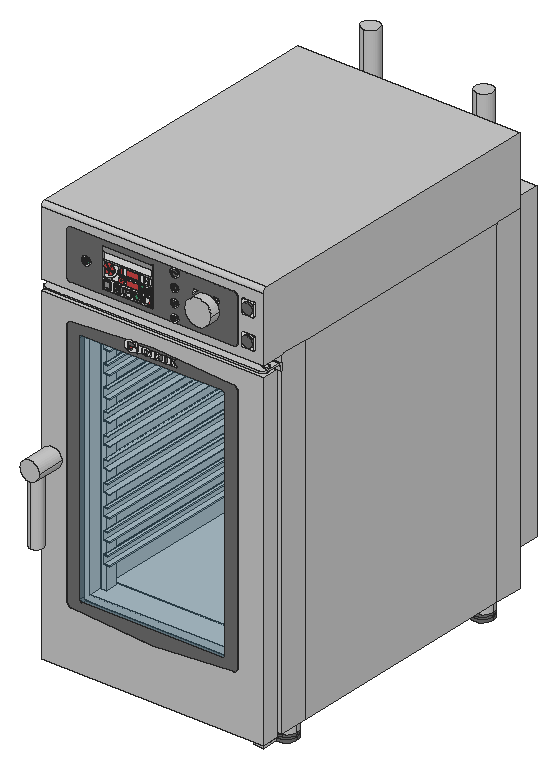
Revit family "QF_GIORIK_KHG101_KTG101_KHG101W_KTG101W", category Specialty Equipment, Revit 2014
Parameters (values of type "KHG101")
  Weight in Pounds = 260.145
  Watts = 1600 W
  Waste Water Discharge Temperature = 0 °C
  Volts = 230 V
  URL Cutsheet = ""
  URL = "www.giorik.com"
  Show Legs [instance] = yes
  Plumbing Remarks [instance] = ""
  Plumbing Connection Type [instance] = ""
  Mechanical Remarks [instance] = ""
  Mechanical Connection Type [instance] = ""
  Legs height [instance] = if(Show Legs, 55 mm, 0 mm)  # 55 mm
  Indirect Waste Size = 1 1/2"
  Indirect Waste Flow = 0.0 L/s
  Indirect Waste Connection Type [instance] = ""
  Indirect Waste Connection Height = 89 mm
  Gas Size = 1"
  Gas RI Height [instance] = 0 mm
  Gas KW = 11
  Gas Input = 11000 W
  Gas Connection Height = 954 mm
  Touch screen control = yes
  Status [instance] = ""
  Specification by User [instance] = ""
  Specification by Manufacturer = ""
  Serial Number = ""
  Seismic Rating = ""
  SMACNA No = ""
  Right Hinged Door [instance] = yes
  Revision Code [instance] = ""
  Phase = 1
  Number of Poles [instance] = 1
  Left Hinged Door [instance] = not(Right Hinged Door)  # no
  NAFEM Spec ID Number = ""
  Model = "KHG101"
  Min Ckt Ampacity = 0 A
  Max Overcurrent Protection = 16 A
  Masterspec = ""
  Manufacturer = "GIORIK"
  Show Logo [instance] = yes
  Show Clearance [instance] = yes
  Item Number [instance] = ""
  Installed By [instance] = ""
  Identify Quantity as Lot [instance] = no
  HP = "0"
  Furnished By [instance] = ""
  Foodservice Equipment Identifier [instance] = yes
  FL Amps = 0 A
  Electrical Remarks [instance] = ""
  Electric Connection Type [instance] = ""
  Elec Conn RI Height [instance] = 0 mm
  Elec Conn Connection Height [instance] = 649 mm
  Description = "GAS OVEN 10 GN 1/1 COMBINED CONVECTION/STEAM TOUCH SCREEN CONTROL - HIGH EFFICIENCY BOILER VERSION"
  Cycle = 50 Hz
  Conn Plug = ""
  Conn Conduit [instance] = no
  Cold Water Temperature Recommended = 0 °C
  Cold Water Size = 3/4"
  Cold Water RI Height [instance] = 0 mm
  Cold Water Minimum Pressure [instance] = 150.0 kPa
  Cold Water Maximum Pressure [instance] = 600.0 kPa
  Cold Water Flow [instance] = 0.0 L/s
  Cold Water Consumption [instance] = ""
  Cold Water Connection Height = 98 mm
  CSI MasterFormat = ""
  Assembly Code = "E1090320"
  Apparent Power = 1600 VA
Reference planes
  plane 1 "Back": y = 0
  plane 2: z = 0
  plane 3 "Left": x = 0
  plane 4 "Right": x = 519
  plane 5 "Front": y = -835
  plane 6 "Top": z = 1010
  plane 7 "Legs height": z = 55
  plane 8 "Front oven": y = -780
Forms (mm)
  Extrusion 1, solid
    sketch origin (0, 0, 0) x (1, 0, 0) y (0, 0, 1)
      loop
        line (0, 55) -> (519, 55) -> (519, 850) -> (0, 850) -> (0, 55)
    from 152 to 715
  Extrusion 2, solid
    sketch origin (0, -835, 0) x (-1, 0, 0) y (0, 0, 1)
      loop
        line (-519, 825) -> (-519, 55) -> (0, 55) -> (0, 825) -> (-519, 825)
      loop
        line (-60, 195.46) -> (-60, 774.54)
        arc (-60, 774.54) -> (-63.635, 782.253) -> (-71.898, 784.358) r 10
        arc (-71.898, 784.358) -> (-259.5, 796.841) -> (-447.102, 784.358) r 1415.936
        arc (-447.102, 784.358) -> (-455.365, 782.253) -> (-459, 774.54) r 10
        line (-459, 774.54) -> (-459, 195.46)
        arc (-459, 195.46) -> (-455.365, 187.747) -> (-447.102, 185.642) r 10
        arc (-447.102, 185.642) -> (-259.5, 173.159) -> (-71.898, 185.642) r 1415.936
        arc (-71.898, 185.642) -> (-63.635, 187.747) -> (-60, 195.46) r 10
    from 0 to 40
  Extrusion 3, solid, visible <- "Right Hinged Door"
    sketch origin (-275, -835, 200) x (-1, 0, 0) y (0, 0, 1)
      loop
        circle (-300, 285) r 22.5
    from 0 to -65
  Extrusion 4, solid
    sketch origin (0, -835, 0) x (-1, 0, 0) y (0, 0, 1)
      loop
        line (-96, 765) -> (-423, 765)
        arc (-423, 765) -> (-427.243, 763.243) -> (-429, 759) r 6
        line (-429, 759) -> (-429, 211)
        arc (-429, 211) -> (-427.243, 206.757) -> (-423, 205) r 6
        line (-423, 205) -> (-96, 205)
        arc (-96, 205) -> (-91.757, 206.757) -> (-90, 211) r 6
        line (-90, 211) -> (-90, 759)
        arc (-90, 759) -> (-91.757, 763.243) -> (-96, 765) r 6
    from 0 to 10
  Extrusion 5, solid
    sketch origin (0, 0, 1010) x (0, 1, 0) y (-1, 0, 0)
      loop
        line (-749, -70.5) -> (-737, -70.5) -> (-737, -69.5) -> (-750, -69.5) -> (-750, -85) -> (-723, -85) -> (-723, -84) -> (-749, -84) -> (-749, -70.5)
      loop
        line (-259, -105.5) -> (-259, -84) -> (-284, -84) -> (-284, -85) -> (-260, -85) -> (-260, -106.5) -> (-252, -106.5) -> (-252, -105.5) -> (-259, -105.5)
      loop
        line (-749, -448.5) -> (-749, -435) -> (-723, -435) -> (-723, -434) -> (-750, -434) -> (-750, -449.5) -> (-737, -449.5) -> (-737, -448.5) -> (-749, -448.5)
      loop
        line (-259, -413.5) -> (-252, -413.5) -> (-252, -412.5) -> (-260, -412.5) -> (-260, -434) -> (-284, -434) -> (-284, -435) -> (-259, -435) -> (-259, -413.5)
    from -211 to -821
  Extrusion 6, solid
    sketch origin (0, -780, 0) x (-1, 0, 0) y (0, 0, 1)
      loop
        line (-101, 251) -> (-101, 250) -> (-85, 250) -> (-85, 270) -> (-95, 270) -> (-95, 269) -> (-86, 269) -> (-86, 251) -> (-101, 251)
      loop
        line (-418, 251) -> (-433, 251) -> (-433, 269) -> (-424, 269) -> (-424, 270) -> (-434, 270) -> (-434, 250) -> (-418, 250) -> (-418, 251)
      loop
        line (-101, 301) -> (-101, 300) -> (-85, 300) -> (-85, 320) -> (-95, 320) -> (-95, 319) -> (-86, 319) -> (-86, 301) -> (-101, 301)
      loop
        line (-418, 301) -> (-433, 301) -> (-433, 319) -> (-424, 319) -> (-424, 320) -> (-434, 320) -> (-434, 300) -> (-418, 300) -> (-418, 301)
      loop
        line (-101, 351) -> (-101, 350) -> (-85, 350) -> (-85, 370) -> (-95, 370) -> (-95, 369) -> (-86, 369) -> (-86, 351) -> (-101, 351)
      loop
        line (-418, 351) -> (-433, 351) -> (-433, 369) -> (-424, 369) -> (-424, 370) -> (-434, 370) -> (-434, 350) -> (-418, 350) -> (-418, 351)
      loop
        line (-101, 401) -> (-101, 400) -> (-85, 400) -> (-85, 420) -> (-95, 420) -> (-95, 419) -> (-86, 419) -> (-86, 401) -> (-101, 401)
      loop
        line (-418, 401) -> (-433, 401) -> (-433, 419) -> (-424, 419) -> (-424, 420) -> (-434, 420) -> (-434, 400) -> (-418, 400) -> (-418, 401)
      loop
        line (-101, 451) -> (-101, 450) -> (-85, 450) -> (-85, 470) -> (-95, 470) -> (-95, 469) -> (-86, 469) -> (-86, 451) -> (-101, 451)
      loop
        line (-418, 451) -> (-433, 451) -> (-433, 469) -> (-424, 469) -> (-424, 470) -> (-434, 470) -> (-434, 450) -> (-418, 450) -> (-418, 451)
      loop
        line (-101, 501) -> (-101, 500) -> (-85, 500) -> (-85, 520) -> (-95, 520) -> (-95, 519) -> (-86, 519) -> (-86, 501) -> (-101, 501)
      loop
        line (-418, 501) -> (-433, 501) -> (-433, 519) -> (-424, 519) -> (-424, 520) -> (-434, 520) -> (-434, 500) -> (-418, 500) -> (-418, 501)
      loop
        line (-101, 551) -> (-101, 550) -> (-85, 550) -> (-85, 570) -> (-95, 570) -> (-95, 569) -> (-86, 569) -> (-86, 551) -> (-101, 551)
      loop
        line (-418, 551) -> (-433, 551) -> (-433, 569) -> (-424, 569) -> (-424, 570) -> (-434, 570) -> (-434, 550) -> (-418, 550) -> (-418, 551)
      loop
        line (-101, 601) -> (-101, 600) -> (-85, 600) -> (-85, 620) -> (-95, 620) -> (-95, 619) -> (-86, 619) -> (-86, 601) -> (-101, 601)
      loop
        line (-418, 601) -> (-433, 601) -> (-433, 619) -> (-424, 619) -> (-424, 620) -> (-434, 620) -> (-434, 600) -> (-418, 600) -> (-418, 601)
      loop
        line (-101, 651) -> (-101, 650) -> (-85, 650) -> (-85, 670) -> (-95, 670) -> (-95, 669) -> (-86, 669) -> (-86, 651) -> (-101, 651)
      loop
        line (-418, 651) -> (-433, 651) -> (-433, 669) -> (-424, 669) -> (-424, 670) -> (-434, 670) -> (-434, 650) -> (-418, 650) -> (-418, 651)
      loop
        line (-101, 701) -> (-101, 700) -> (-85, 700) -> (-85, 720) -> (-95, 720) -> (-95, 719) -> (-86, 719) -> (-86, 701) -> (-101, 701)
      loop
        line (-418, 701) -> (-433, 701) -> (-433, 719) -> (-424, 719) -> (-424, 720) -> (-434, 720) -> (-434, 700) -> (-418, 700) -> (-418, 701)
    from 20 to 520
  Extrusion 7, solid, visible <- "Show Clearance", detail levels coarse
    sketch origin (430, -505, 0) x (1, 0, 0) y (0, 1, 0)
      loop
        line (-430, -330) -> (-430, 505) -> (89, 505) -> (89, -330) -> (189, -330) -> (189, 605) -> (-530, 605) -> (-530, -330) -> (-430, -330)
    from 0 to 1010
  Extrusion 8, solid, visible <- "Right Hinged Door", detail levels coarse
    sketch origin (0, -40, 55) x (0, 1, 0) y (-1, 0, 0)
      loop
        line (-795, -519) -> (-795, 0)
        arc (-795, 0) -> (-1150.31, -135.689) -> (-1314, -479) r 512
        line (-1314, -479) -> (-1314, -519) -> (-795, -519)
    from 0 to 770
  Extrusion 9, solid
    sketch origin (0, -835, 0) x (-1, 0, 0) y (0, 0, 1)
      loop
        arc (-447.102, 784.358) -> (-455.365, 782.253) -> (-459, 774.54) r 10
        line (-459, 774.54) -> (-459, 195.46)
        arc (-459, 195.46) -> (-455.365, 187.747) -> (-447.102, 185.642) r 10
        arc (-447.102, 185.642) -> (-259.5, 173.159) -> (-71.898, 185.642) r 1415.936
        arc (-71.898, 185.642) -> (-63.635, 187.747) -> (-60, 195.46) r 10
        line (-60, 195.46) -> (-60, 774.54)
        arc (-60, 774.54) -> (-63.635, 782.253) -> (-71.898, 784.358) r 10
        arc (-71.898, 784.358) -> (-259.5, 796.841) -> (-447.102, 784.358) r 1415.936
      loop
        arc (-90, 759) -> (-91.757, 763.243) -> (-96, 765) r 6
        line (-96, 765) -> (-423, 765)
        arc (-423, 765) -> (-427.243, 763.243) -> (-429, 759) r 6
        line (-429, 759) -> (-429, 211)
        arc (-429, 211) -> (-427.243, 206.757) -> (-423, 205) r 6
        line (-423, 205) -> (-96, 205)
        arc (-96, 205) -> (-91.757, 206.757) -> (-90, 211) r 6
        line (-90, 211) -> (-90, 759)
    from 0 to 10
  Extrusion 10, solid, visible <- "Right Hinged Door"
    sketch origin (-275, -40, 1010) x (0, 1, 0) y (-1, 0, 0)
      loop
        circle (-841, -300) r 15
    from -690 to -525
  Extrusion 11, solid
    sketch origin (175, 152, 55) x (0, 1, 0) y (-1, 0, 0)
      loop
        circle (-203, -125) r 9.55
    from 60 to 34
  Extrusion 12, void
    sketch origin (-1000, 0, 0) x (1, 0, 0) y (0, 0, 1)
      loop
        line (1069.5, 799) -> (1069.5, 189) -> (1449.5, 189) -> (1449.5, 799) -> (1069.5, 799)
    from 232 to 780
  Extrusion 13, solid
    sketch origin (356.5, 0, -1) x (1, 0, 0) y (0, 0, 1)
      loop
        circle (80.5, 90) r 19.05
    from 77 to 87
  Extrusion 14, solid
    sketch origin (519, -40, -185) x (0, -1, 0) y (0, 0, 1)
      loop
        arc (748.5, 1020.001) -> (742.49, 1017.511) -> (740, 1011.501) r 8.5
        line (740, 1011.501) -> (740, 1001) -> (743, 1001) -> (743, 1011.501)
        arc (743, 1011.501) -> (744.611, 1015.39) -> (748.5, 1017.001) r 5.5
        line (748.5, 1017.001) -> (748.5, 1020.001)
    from 0 to 519
  Extrusion 15, solid
    sketch origin (0, -32, 1010) x (0, 1, 0) y (-1, 0, 0)
      loop
        line (-756.5, 0) -> (-793, 0)
        arc (-793, 0) -> (-800.071, -2.929) -> (-803, -10) r 10
        line (-803, -10) -> (-803, -509)
        arc (-803, -509) -> (-800.071, -516.071) -> (-793, -519) r 10
        line (-793, -519) -> (-756.5, -519) -> (-756.5, 0)
    from -178 to -175
  Extrusion 16, solid, visible <- "Touch screen control"
    sketch origin (-500, -835, -40) x (-1, 0, 0) y (0, 0, 1)
      loop
        line (-604.2, 972.451) -> (-605.8, 972.451) -> (-605.8, 965) -> (-604.2, 965) -> (-604.2, 972.451)
      loop
        line (-606.5, 971.325) -> (-606.5, 969.77)
        arc (-606.5, 969.77) -> (-605, 960) -> (-603.5, 969.77) r 5
        line (-603.5, 969.77) -> (-603.5, 971.325)
        arc (-603.5, 971.325) -> (-605, 958.5) -> (-606.5, 971.325) r 6.5
      loop
        circle (-725.279, 931.84) r 4.5
      loop
        line (-758.755, 960.908) -> (-758.755, 947.352) -> (-756.151, 947.352) -> (-756.151, 960.908) -> (-758.755, 960.908)
      loop
        line (-754.755, 958.908) -> (-754.755, 947.352) -> (-752.151, 947.352) -> (-752.151, 958.908) -> (-754.755, 958.908)
      loop
        line (-750.755, 956.908) -> (-750.755, 947.352) -> (-748.151, 947.352) -> (-748.151, 956.908) -> (-750.755, 956.908)
      loop
        line (-746.755, 954.908) -> (-746.755, 947.352) -> (-744.151, 947.352) -> (-744.151, 954.908) -> (-746.755, 954.908)
      loop
        line (-742.755, 952.908) -> (-742.755, 947.352) -> (-740.151, 947.352) -> (-740.151, 952.908) -> (-742.755, 952.908)
      loop
        line (-738.755, 950.908) -> (-738.755, 947.352) -> (-736.151, 947.352) -> (-736.151, 950.908) -> (-738.755, 950.908)
      loop
        circle (-738.173, 958.223) r 4
    from 0 to -2
  Extrusion 17, solid, visible <- "Touch screen control"
    sketch origin (-500, -835, -35) x (-1, 0, 0) y (0, 0, 1)
      loop
        arc (-690.938, 966.13) -> (-689.438, 961.413) -> (-687.938, 966.13) r 2.597
        line (-687.938, 966.13) -> (-687.938, 973.989)
        arc (-687.938, 973.989) -> (-689.438, 975.489) -> (-690.938, 973.989) r 1.5
        line (-690.938, 973.989) -> (-690.938, 966.13)
      loop
        line (-700.102, 974.432) -> (-730.102, 974.432) -> (-730.102, 961.873) -> (-700.102, 961.873) -> (-700.102, 974.432)
      loop
        line (-700.102, 954.432) -> (-730.102, 954.432) -> (-730.102, 941.873) -> (-700.102, 941.873) -> (-700.102, 954.432)
      loop
        circle (-689.163, 948.706) r 7
      loop
        circle (-660.557, 962.463) r 2.5
      loop
        line (-659.449, 965.572) -> (-656.829, 971.19) -> (-658.704, 974.438)
        arc (-658.704, 974.438) -> (-664.206, 974.155) -> (-668.842, 971.18) r 10.731
        line (-668.842, 971.18) -> (-664.348, 971.18) -> (-661.824, 965.511)
        arc (-661.824, 965.511) -> (-660.642, 965.762) -> (-659.449, 965.572) r 3.3
      loop
        line (-663.171, 964.478) -> (-667.705, 968.706) -> (-671.373, 967.926)
        arc (-671.373, 967.926) -> (-672.804, 962.606) -> (-671.407, 957.277) r 10.731
        line (-671.407, 957.277) -> (-670.018, 961.551) -> (-663.846, 962.2)
        arc (-663.846, 962.2) -> (-663.721, 963.402) -> (-663.171, 964.478) r 3.3
      loop
        line (-657.258, 962.37) -> (-651.105, 961.615) -> (-648.595, 964.401)
        arc (-648.595, 964.401) -> (-650.565, 969.547) -> (-654.827, 973.037) r 10.731
        line (-654.827, 973.037) -> (-653.438, 968.762) -> (-658.05, 964.61)
        arc (-658.05, 964.61) -> (-657.445, 963.564) -> (-657.258, 962.37) r 3.3
      loop
        line (-663.28, 960.599) -> (-668.702, 957.594) -> (-669.094, 953.864)
        arc (-669.094, 953.864) -> (-664.477, 950.859) -> (-658.977, 950.541) r 10.731
        line (-658.977, 950.541) -> (-662.613, 953.183) -> (-661.323, 959.253)
        arc (-661.323, 959.253) -> (-662.427, 959.744) -> (-663.28, 960.599) r 3.3
      loop
        line (-659.626, 959.297) -> (-658.443, 953.212) -> (-655.017, 951.686)
        arc (-655.017, 951.686) -> (-650.732, 955.149) -> (-648.73, 960.282) r 10.731
        line (-648.73, 960.282) -> (-652.366, 957.64) -> (-657.741, 960.742)
        arc (-657.741, 960.742) -> (-658.549, 959.844) -> (-659.626, 959.297) r 3.3
      loop
        line (-687.655, 947.008) -> (-689.17, 948.279) -> (-684.047, 951.735) -> (-684.733, 952.752) -> (-690.148, 949.1) -> (-693.772, 952.14) -> (-694.56, 951.2) -> (-691.206, 948.386) -> (-692.349, 947.615) -> (-691.663, 946.598) -> (-690.228, 947.565) -> (-688.443, 946.068) -> (-687.655, 947.008)
      loop
        arc (-757.5, 924.717) -> (-756, 920) -> (-754.5, 924.717) r 2.597
        line (-754.5, 924.717) -> (-754.5, 932.576)
        arc (-754.5, 932.576) -> (-756, 934.076) -> (-757.5, 932.576) r 1.5
        line (-757.5, 932.576) -> (-757.5, 924.717)
    from 0 to -2
  Extrusion 18, solid, visible <- "Right Hinged Door"
    sketch origin (-341, -40, 55) x (0, 1, 0) y (-1, 0, 0)
      loop
        line (-791.5, -859) -> (-756.5, -859) -> (-744, -841) -> (-684, -841) -> (-684, -829)
        arc (-684, -829) -> (-692.752, -810) -> (-684, -791) r 25
        line (-684, -791) -> (-684, -781) -> (-738.5, -781) -> (-791.5, -834) -> (-791.5, -859)
    from -3 to -8
  Revolve 19, solid, visible <- "Right Hinged Door"
    sketch origin (-341, -813, -185) x (-1, 0, 0) y (0, 0, 1)
      loop
        line (-848.5, 1025.401) -> (-848.5, 1010) -> (-842.5, 1010) -> (-842.5, 1014.5) -> (-839, 1014.5) -> (-839, 1017) -> (-841.5, 1017) -> (-841.5, 1021.5) -> (-845, 1025.401) -> (-848.5, 1025.401)
      axis (-848.5, 1025.401) -> (-848.5, 1010)
    angle from 0 to 360
  Revolve 20, solid, visible <- "Right Hinged Door"
    sketch origin (-341, -813, 0) x (-1, 0, 0) y (0, 0, 1)
      loop
        line (-848.5, 41.599) -> (-845, 41.599) -> (-841.5, 45.5) -> (-841.5, 52.5) -> (-838, 52.5) -> (-838, 55) -> (-848.5, 55) -> (-848.5, 41.599)
      axis (-848.5, 41.599) -> (-848.5, 55)
    angle from 0 to 360
  Extrusion 21, solid, visible <- "Left Hinged Door"
    sketch origin (794, -835, 200) x (1, 0, 0) y (0, 0, -1)
      loop
        circle (-300, -285) r 22.5
    from 0 to -65
  Extrusion 22, solid, visible <- "Left Hinged Door", detail levels coarse
    sketch origin (1135, -40, 55) x (0, 1, 0) y (-1, 0, 0)
      loop
        line (-795, 1135) -> (-1314, 1135) -> (-1314, 1095)
        arc (-1314, 1095) -> (-1150.31, 751.689) -> (-795, 616) r 512
        line (-795, 616) -> (-795, 1135)
    from 0 to 770
  Extrusion 23, solid, visible <- "Left Hinged Door"
    sketch origin (794, -40, 1010) x (0, 1, 0) y (-1, 0, 0)
      loop
        circle (-841, 300) r 15
    from -690 to -525
  Revolve 24, solid, visible <- "Left Hinged Door"
    sketch origin (860, -813, 0) x (1, 0, 0) y (0, 0, -1)
      loop
        line (-848.5, -41.599) -> (-848.5, -55) -> (-838, -55) -> (-838, -52.5) -> (-841.5, -52.5) -> (-841.5, -45.5) -> (-845, -41.599) -> (-848.5, -41.599)
      axis (-848.5, -41.599) -> (-848.5, -55)
    angle from 0 to 360
  Extrusion 25, solid, visible <- "Touch screen control"
    sketch origin (-500, -835, -50) x (-1, 0, 0) y (0, 0, 1)
      loop
        circle (-605, 975) r 10
      loop
        circle (-605, 975) r 8.5
      loop
        circle (-812, 1023) r 10
      loop
        circle (-812, 1023) r 8.5
      loop
        circle (-812, 991) r 8.5
      loop
        circle (-812, 991) r 7
      loop
        circle (-812, 959) r 8.5
      loop
        circle (-812, 959) r 7
      loop
        circle (-812, 927) r 8.5
      loop
        circle (-812, 927) r 7
      loop
        line (-645, 930) -> (-645, 1020) -> (-761, 1020) -> (-761, 930) -> (-645, 930)
      loop
        line (-818.5, 1022.5) -> (-805.5, 1022.5) -> (-805.5, 1023.5) -> (-818.5, 1023.5) -> (-818.5, 1022.5)
      loop
        line (-854.895, 993.105) -> (-856.495, 1004.486) -> (-865.962, 1004.486)
        arc (-865.962, 1004.486) -> (-859.858, 999.35) -> (-854.895, 993.105) r 40
      loop
        arc (-811, 927.209) -> (-812, 932) -> (-813, 927.209) r 2.5
        line (-813, 927.209) -> (-813, 924)
        arc (-813, 924) -> (-812, 923) -> (-811, 924) r 1
        line (-811, 924) -> (-811, 927.209)
      loop
        arc (-915.105, 993.105) -> (-910.142, 999.35) -> (-904.038, 1004.486) r 40
        line (-904.038, 1004.486) -> (-913.505, 1004.486) -> (-915.105, 993.105)
      loop
        line (-807, 960.427) -> (-817, 960.427) -> (-817, 957.547) -> (-807, 957.547) -> (-807, 960.427)
      loop
        line (-815.767, 986.618) -> (-807.756, 986.618) -> (-807.756, 995.305) -> (-809.708, 995.305) -> (-809.708, 996.559) -> (-812.516, 994.805) -> (-809.708, 993.051) -> (-809.708, 994.305) -> (-808.756, 994.305) -> (-808.756, 987.618) -> (-815.767, 987.618) -> (-815.767, 986.618)
    from 0.5 to -1.5
  Extrusion 26, solid, visible <- "Touch screen control"
    sketch origin (-500, -835, -68) x (-1, 0, 0) y (0, 0, 1)
      loop
        line (-645, 1038) -> (-761, 1038) -> (-761, 1028) -> (-761, 973) -> (-645, 973) -> (-645, 1028) -> (-645, 1038)
      loop
        line (-760, 1028) -> (-760, 1011.245) -> (-646, 1011.245) -> (-646, 1028) -> (-760, 1028)
      loop
        line (-649, 969) -> (-661, 969)
        arc (-661, 969) -> (-663.121, 968.121) -> (-664, 966) r 3
        line (-664, 966) -> (-664, 954)
        arc (-664, 954) -> (-663.121, 951.879) -> (-661, 951) r 3
        line (-661, 951) -> (-649, 951)
        arc (-649, 951) -> (-646.879, 951.879) -> (-646, 954) r 3
        line (-646, 954) -> (-646, 966)
        arc (-646, 966) -> (-646.879, 968.121) -> (-649, 969) r 3
      loop
        line (-649, 968) -> (-661, 968)
        arc (-661, 968) -> (-662.414, 967.414) -> (-663, 966) r 2
        line (-663, 966) -> (-663, 954)
        arc (-663, 954) -> (-662.414, 952.586) -> (-661, 952) r 2
        line (-661, 952) -> (-649, 952)
        arc (-649, 952) -> (-647.586, 952.586) -> (-647, 954) r 2
        line (-647, 954) -> (-647, 966)
        arc (-647, 966) -> (-647.586, 967.414) -> (-649, 968) r 2
      loop
        line (-673, 969) -> (-685, 969)
        arc (-685, 969) -> (-687.121, 968.121) -> (-688, 966) r 3
        line (-688, 966) -> (-688, 954)
        arc (-688, 954) -> (-687.121, 951.879) -> (-685, 951) r 3
        line (-685, 951) -> (-673, 951)
        arc (-673, 951) -> (-670.879, 951.879) -> (-670, 954) r 3
        line (-670, 954) -> (-670, 966)
        arc (-670, 966) -> (-670.879, 968.121) -> (-673, 969) r 3
      loop
        line (-673, 968) -> (-685, 968)
        arc (-685, 968) -> (-686.414, 967.414) -> (-687, 966) r 2
        line (-687, 966) -> (-687, 954)
        arc (-687, 954) -> (-686.414, 952.586) -> (-685, 952) r 2
        line (-685, 952) -> (-673, 952)
        arc (-673, 952) -> (-671.586, 952.586) -> (-671, 954) r 2
        line (-671, 954) -> (-671, 966)
        arc (-671, 966) -> (-671.586, 967.414) -> (-673, 968) r 2
      loop
        line (-697, 969) -> (-709, 969)
        arc (-709, 969) -> (-711.121, 968.121) -> (-712, 966) r 3
        line (-712, 966) -> (-712, 954)
        arc (-712, 954) -> (-711.121, 951.879) -> (-709, 951) r 3
        line (-709, 951) -> (-697, 951)
        arc (-697, 951) -> (-694.879, 951.879) -> (-694, 954) r 3
        line (-694, 954) -> (-694, 966)
        arc (-694, 966) -> (-694.879, 968.121) -> (-697, 969) r 3
      loop
        line (-697, 968) -> (-709, 968)
        arc (-709, 968) -> (-710.414, 967.414) -> (-711, 966) r 2
        line (-711, 966) -> (-711, 954)
        arc (-711, 954) -> (-710.414, 952.586) -> (-709, 952) r 2
        line (-709, 952) -> (-697, 952)
        arc (-697, 952) -> (-695.586, 952.586) -> (-695, 954) r 2
        line (-695, 954) -> (-695, 966)
        arc (-695, 966) -> (-695.586, 967.414) -> (-697, 968) r 2
      loop
        line (-721, 969) -> (-733, 969)
        arc (-733, 969) -> (-735.121, 968.121) -> (-736, 966) r 3
        line (-736, 966) -> (-736, 954)
        arc (-736, 954) -> (-735.121, 951.879) -> (-733, 951) r 3
        line (-733, 951) -> (-721, 951)
        arc (-721, 951) -> (-718.879, 951.879) -> (-718, 954) r 3
        line (-718, 954) -> (-718, 966)
        arc (-718, 966) -> (-718.879, 968.121) -> (-721, 969) r 3
      loop
        line (-721, 968) -> (-733, 968)
        arc (-733, 968) -> (-734.414, 967.414) -> (-735, 966) r 2
        line (-735, 966) -> (-735, 954)
        arc (-735, 954) -> (-734.414, 952.586) -> (-733, 952) r 2
        line (-733, 952) -> (-721, 952)
        arc (-721, 952) -> (-719.586, 952.586) -> (-719, 954) r 2
        line (-719, 954) -> (-719, 966)
        arc (-719, 966) -> (-719.586, 967.414) -> (-721, 968) r 2
      loop
        line (-745, 969) -> (-757, 969)
        arc (-757, 969) -> (-759.121, 968.121) -> (-760, 966) r 3
        line (-760, 966) -> (-760, 954)
        arc (-760, 954) -> (-759.121, 951.879) -> (-757, 951) r 3
        line (-757, 951) -> (-745, 951)
        arc (-745, 951) -> (-742.879, 951.879) -> (-742, 954) r 3
        line (-742, 954) -> (-742, 966)
        arc (-742, 966) -> (-742.879, 968.121) -> (-745, 969) r 3
      loop
        line (-745, 968) -> (-757, 968)
        arc (-757, 968) -> (-758.414, 967.414) -> (-759, 966) r 2
        line (-759, 966) -> (-759, 954)
        arc (-759, 954) -> (-758.414, 952.586) -> (-757, 952) r 2
        line (-757, 952) -> (-745, 952)
        arc (-745, 952) -> (-743.586, 952.586) -> (-743, 954) r 2
        line (-743, 954) -> (-743, 966)
        arc (-743, 966) -> (-743.586, 967.414) -> (-745, 968) r 2
      loop
        line (-760, 974) -> (-732.283, 974) -> (-732.283, 991.245) -> (-760, 991.245) -> (-760, 974)
      loop
        line (-646, 974) -> (-646, 1010.245) -> (-683.232, 1010.245)
        arc (-683.232, 1010.245) -> (-674.645, 987.082) -> (-653.689, 974) r 38.245
        line (-653.689, 974) -> (-646, 974)
      loop
        arc (-679.339, 992.245) -> (-682.871, 1000.95) -> (-684.233, 1010.245) r 39.245
        line (-684.233, 1010.245) -> (-731.283, 1010.245) -> (-731.283, 992.245) -> (-679.339, 992.245)
      loop
        line (-678.767, 991.245) -> (-731.283, 991.245) -> (-731.283, 974) -> (-657.369, 974)
        arc (-657.369, 974) -> (-669.627, 980.688) -> (-678.767, 991.245) r 39.245
      loop
        line (-760, 992.245) -> (-732.283, 992.245) -> (-732.283, 1010.245) -> (-760, 1010.245) -> (-760, 992.245)
      loop
        line (-697.094, 957.465) -> (-701.225, 961.596)
        arc (-701.225, 961.596) -> (-702.562, 964.46) -> (-705.585, 965.385) r 3.889
        line (-705.585, 965.385) -> (-708.039, 965.385)
        arc (-708.039, 965.385) -> (-709.54, 963.884) -> (-708.039, 962.384) r 1.501
        line (-708.039, 962.384) -> (-706.381, 962.384)
        arc (-706.381, 962.384) -> (-704.72, 960.777) -> (-702.444, 960.377) r 3.942
        line (-702.444, 960.377) -> (-698.312, 956.246)
        arc (-698.312, 956.246) -> (-697.094, 956.246) -> (-697.094, 957.465) r 0.862
      loop
        line (-683.054, 966.463) -> (-683.054, 963.694) -> (-671.81, 963.694) -> (-671.81, 966.463) -> (-683.054, 966.463)
      loop
        line (-683.054, 961.811) -> (-683.054, 959.042) -> (-671.81, 959.042) -> (-671.81, 961.811) -> (-683.054, 961.811)
      loop
        line (-683.054, 956.811) -> (-683.054, 954.042) -> (-671.81, 954.042) -> (-671.81, 956.811) -> (-683.054, 956.811)
      loop
        line (-649, 966) -> (-661, 966) -> (-661, 954) -> (-649, 954) -> (-649, 966)
      loop
        line (-754.5, 957.717) -> (-754.5, 965.576)
        arc (-754.5, 965.576) -> (-756, 967.076) -> (-757.5, 965.576) r 1.5
        line (-757.5, 965.576) -> (-757.5, 957.717)
        arc (-757.5, 957.717) -> (-756, 953) -> (-754.5, 957.717) r 2.597
      loop
        line (-731.081, 957.297) -> (-731.081, 963.597)
        arc (-731.081, 963.597) -> (-732.283, 964.8) -> (-733.486, 963.597) r 1.202
        line (-733.486, 963.597) -> (-733.486, 957.297)
        arc (-733.486, 957.297) -> (-732.283, 953.515) -> (-731.081, 957.297) r 2.082
      loop
        line (-742.163, 1007.702) -> (-742.163, 1002.021) -> (-750.12, 1002.021) -> (-750.12, 1007.702) -> (-751.74, 1007.702) -> (-751.74, 994.74) -> (-750.12, 994.74) -> (-750.12, 1000.421) -> (-742.163, 1000.421) -> (-742.163, 994.74) -> (-740.543, 994.74) -> (-740.543, 1007.702) -> (-742.163, 1007.702)
    from 0 to -2
  Extrusion 27, solid, visible <- "Show Logo", detail levels medium+fine
    sketch origin (121.547, -835, 71.721) x (-1, 0, 0) y (0, 0, 1)
      loop
        line (-104.547, 718.962) -> (-115.547, 718.962) -> (-112.754, 716.618) -> (-112.754, 706.306) -> (-115.547, 703.962) -> (-104.547, 703.962) -> (-107.34, 706.306) -> (-107.34, 716.618) -> (-104.547, 718.962)
      loop
        line (-159.547, 718.962) -> (-170.547, 718.962) -> (-167.754, 716.618) -> (-167.754, 706.306) -> (-170.547, 703.962) -> (-159.547, 703.962) -> (-162.34, 706.306) -> (-162.34, 716.618) -> (-159.547, 718.962)
      loop
        line (-172.547, 718.962) -> (-183.547, 718.962) -> (-180.754, 716.618) -> (-180.754, 711.706) -> (-187.354, 717.244) -> (-184.9, 718.962) -> (-193.294, 718.962) -> (-189.303, 717.101) -> (-186.172, 713.97) -> (-192.777, 706.098) -> (-195.9, 704.962) -> (-195.9, 703.962) -> (-184.9, 703.962) -> (-186.151, 705.747) -> (-182.483, 710.625) -> (-180.754, 709.818) -> (-180.754, 706.306) -> (-183.547, 703.962) -> (-172.547, 703.962) -> (-175.34, 706.306) -> (-175.34, 716.618) -> (-172.547, 718.962)
      loop
        line (-100.387, 723.5) -> (-100.387, 713.865)
        arc (-100.387, 713.865) -> (-95.719, 718.282) -> (-89.875, 720.956) r 19.648
        arc (-89.875, 720.956) -> (-85.547, 720.774) -> (-82.114, 718.131) r 7.168
        arc (-82.114, 718.131) -> (-80.034, 711.5) -> (-82.114, 704.868) r 11.613
        arc (-82.114, 704.868) -> (-84.434, 702.581) -> (-87.423, 701.287) r 8.864
        arc (-87.423, 701.287) -> (-90.954, 701.508) -> (-93.801, 703.608) r 6.26
        line (-93.801, 703.608) -> (-93.801, 711.174) -> (-101.26, 711.174) -> (-101.26, 703.213) -> (-103.406, 701.068) -> (-98.753, 702.314)
        arc (-98.753, 702.314) -> (-96.873, 702.533) -> (-95.12, 701.821) r 3.816
        arc (-95.12, 701.821) -> (-86.651, 699.034) -> (-78.183, 701.821) r 14.26
        arc (-78.183, 701.821) -> (-73.396, 711.305) -> (-78.183, 720.788) r 11.787
        arc (-78.183, 720.788) -> (-86.838, 723.637) -> (-95.494, 720.788) r 14.575
        line (-95.494, 720.788) -> (-100.387, 723.5)
      loop
        arc (-117.299, 716.157) -> (-125.457, 719.293) -> (-133.615, 716.157) r 12.178
        arc (-133.615, 716.157) -> (-135.675, 711.524) -> (-133.615, 706.891) r 6.24
        arc (-133.615, 706.891) -> (-125.457, 703.755) -> (-117.299, 706.891) r 12.178
        arc (-117.299, 706.891) -> (-115.239, 711.524) -> (-117.299, 716.157) r 6.24
      loop
        arc (-121.457, 714.117) -> (-125.457, 718.117) -> (-129.457, 714.117) r 4
        line (-129.457, 714.117) -> (-129.457, 708.931)
        arc (-129.457, 708.931) -> (-125.457, 704.931) -> (-121.457, 708.931) r 4
        line (-121.457, 708.931) -> (-121.457, 714.117)
      loop
        arc (-150.534, 718.971) -> (-154.557, 714.947) -> (-150.534, 710.923) r 4.024
        line (-150.534, 710.923) -> (-154.412, 705.423) -> (-157.545, 703.962) -> (-149.901, 703.962) -> (-147.062, 710.05) -> (-143.519, 710.05) -> (-143.519, 706.008) -> (-146.441, 703.962) -> (-135.402, 703.962) -> (-137.953, 705.881) -> (-137.953, 716.677) -> (-135.669, 718.971) -> (-150.534, 718.971)
      loop
        line (-143.519, 717.926) -> (-147.194, 717.926)
        arc (-147.194, 717.926) -> (-150.379, 714.741) -> (-147.194, 711.556) r 3.185
        line (-147.194, 711.556) -> (-143.519, 711.556) -> (-143.519, 717.926)
    from 1 to -1
  Extrusion 28, solid, visible <- "Show Logo", detail levels medium+fine
    sketch origin (119.547, -835, 71.721) x (-1, 0, 0) y (0, 0, 1)
      loop
        line (-83.301, 711.174) -> (-95.301, 711.174) -> (-89.301, 706.174) -> (-83.301, 711.174)
    from 1 to -1
  Extrusion 29, solid, visible <- "Show Legs"
    sketch origin (-10, -60, 0) x (1, 0, 0) y (0, 1, 0)
      loop
        circle (60, -72) r 25
    from 0 to 6
  Extrusion 30, solid, visible <- "Show Legs"
    sketch origin (-10, -60, 0) x (1, 0, 0) y (0, 1, 0)
      loop
        circle (60, -72) r 25
    from 17 to 55
  Extrusion 31, solid, visible <- "Show Legs"
    sketch origin (409, -60, 0) x (1, 0, 0) y (0, 1, 0)
      loop
        circle (60, -72) r 25
    from 0 to 6
  Extrusion 32, solid, visible <- "Show Legs"
    sketch origin (409, -60, 0) x (1, 0, 0) y (0, 1, 0)
      loop
        circle (60, -72) r 25
    from 17 to 55
  Extrusion 33, solid, visible <- "Show Legs"
    sketch origin (-10, -626, 0) x (1, 0, 0) y (0, 1, 0)
      loop
        circle (60, -79) r 25
    from 0 to 6
  Extrusion 34, solid, visible <- "Show Legs"
    sketch origin (-10, -626, 0) x (1, 0, 0) y (0, 1, 0)
      loop
        circle (60, -79) r 25
    from 17 to 55
  Extrusion 35, solid, visible <- "Show Legs"
    sketch origin (409, -626, 0) x (1, 0, 0) y (0, 1, 0)
      loop
        circle (60, -79) r 25
    from 0 to 6
  Extrusion 36, solid, visible <- "Show Legs"
    sketch origin (409, -626, 0) x (1, 0, 0) y (0, 1, 0)
      loop
        circle (60, -79) r 25
    from 17 to 55
  Extrusion 37, solid, visible <- "Show Legs"
    sketch origin (-10, -60, 0) x (1, 0, 0) y (0, 1, 0)
      loop
        circle (60, -72) r 23
    from 6 to 12
  Extrusion 38, solid, visible <- "Show Legs"
    sketch origin (409, -60, 0) x (1, 0, 0) y (0, 1, 0)
      loop
        circle (60, -72) r 23
    from 6 to 12
  Extrusion 39, solid, visible <- "Show Legs"
    sketch origin (-10, -626, 0) x (1, 0, 0) y (0, 1, 0)
      loop
        circle (60, -79) r 23
    from 6 to 12
  Extrusion 40, solid, visible <- "Show Legs"
    sketch origin (409, -626, 0) x (1, 0, 0) y (0, 1, 0)
      loop
        circle (60, -79) r 23
    from 6 to 12
  Extrusion 41, solid, visible <- "Show Legs"
    sketch origin (-10, -60, 0) x (1, 0, 0) y (0, 1, 0)
      loop
        circle (60, -72) r 25
    from 12 to 17
  Extrusion 42, solid, visible <- "Show Legs"
    sketch origin (409, -60, 0) x (1, 0, 0) y (0, 1, 0)
      loop
        circle (60, -72) r 25
    from 12 to 17
  Extrusion 43, solid, visible <- "Show Legs"
    sketch origin (-10, -626, 0) x (1, 0, 0) y (0, 1, 0)
      loop
        circle (60, -79) r 25
    from 12 to 17
  Extrusion 44, solid, visible <- "Show Legs"
    sketch origin (409, -626, 0) x (1, 0, 0) y (0, 1, 0)
      loop
        circle (60, -79) r 25
    from 12 to 17
  Extrusion 45, solid
    sketch origin (0, 0, 0) x (1, 0, 0) y (0, 0, 1)
      loop
        line (0, 55) -> (519, 55) -> (519, 850) -> (0, 850) -> (0, 55)
    from 87 to 152
  Extrusion 46, solid
    sketch origin (0, -835, 0) x (-1, 0, 0) y (0, 0, 1)
      loop
        arc (-60, 972.754) -> (-62.969, 979.864) -> (-70.112, 982.753) r 10
        arc (-70.112, 982.753) -> (-259.5, 989.328) -> (-448.888, 982.753) r 2730.844
        arc (-448.888, 982.753) -> (-456.031, 979.864) -> (-459, 972.754) r 10
        line (-459, 972.754) -> (-459, 877.246)
        arc (-459, 877.246) -> (-456.336, 870.45) -> (-449.764, 867.275) r 10
        arc (-449.764, 867.275) -> (-259.5, 860) -> (-69.236, 867.275) r 2491.516
        arc (-69.236, 867.275) -> (-62.664, 870.45) -> (-60, 877.246) r 10
        line (-60, 877.246) -> (-60, 972.754)
    from -0.5 to 2
  Extrusion 47, solid
    sketch origin (0, 0, 0) x (1, 0, 0) y (0, 0, 1)
      loop
        line (30, 115) -> (489, 115) -> (489, 850) -> (30, 850) -> (30, 115)
    from 0 to 87
  Extrusion 48, solid
    sketch origin (0, 0, 0) x (0, 1, 0) y (0, 0, 1)
      loop
        line (-87, 1010) -> (-825, 1010)
        arc (-825, 1010) -> (-832.042, 1007.042) -> (-835, 1000) r 10.1
        line (-835, 1000) -> (-835, 850) -> (-87, 850) -> (-87, 1010)
    from 0 to 519
  Revolve 49, solid, visible <- "Left Hinged Door"
    sketch origin (860, -813, -185) x (1, 0, 0) y (0, 0, -1)
      loop
        line (-848.5, -1025.401) -> (-845, -1025.401) -> (-841.5, -1021.5) -> (-841.5, -1017) -> (-839, -1017) -> (-839, -1014.5) -> (-842.5, -1014.5) -> (-842.5, -1010) -> (-848.5, -1010) -> (-848.5, -1025.401)
      axis (-848.5, -1025.401) -> (-848.5, -1010)
    angle from 0 to 360
  Extrusion 50, solid, visible <- "Right Hinged Door"
    sketch origin (0, -32, 55) x (0, 1, 0) y (-1, 0, 0)
      loop
        circle (-712, -492) r 6
      loop
        circle (-700, -448) r 6
      loop
        circle (-725, -448) r 6
    from 0 to -12
  Extrusion 51, solid, visible <- "Left Hinged Door"
    sketch origin (860, -40, 55) x (0, 1, 0) y (-1, 0, 0)
      loop
        line (-791.5, 859) -> (-791.5, 834) -> (-738.5, 781) -> (-684, 781) -> (-684, 791)
        arc (-684, 791) -> (-692.752, 810) -> (-684, 829) r 25
        line (-684, 829) -> (-684, 841) -> (-744, 841) -> (-756.5, 859) -> (-791.5, 859)
    from -3 to -8
  Extrusion 52, solid, visible <- "Left Hinged Door"
    sketch origin (519, -32, 55) x (0, 1, 0) y (-1, 0, 0)
      loop
        circle (-712, 492) r 6
      loop
        circle (-700, 448) r 6
      loop
        circle (-725, 448) r 6
    from 0 to -12
  Extrusion 53, solid, visible <- "Touch screen control"
    sketch origin (0, -835, 0) x (-1, 0, 0) y (0, 0, 1)
      loop
        circle (-385, 925) r 30
    from 0 to -23.806
  Revolve 54, solid
    sketch origin (100, 236, 791.5) x (0, 0, 1) y (0, -1, 0)
      loop
        line (162.5, 323) -> (162.5, 315) -> (173.5, 315)
        arc (173.5, 315) -> (177.132, 318.292) -> (178.5, 323) r 9
        line (178.5, 323) -> (162.5, 323)
      axis (162.5, 315) -> (162.5, 323)
    angle from 0 to 360
  Extrusion 55, solid
    sketch origin (519, 0, 0) x (0, -1, 0) y (0, 0, 1)
      loop
        arc (87, 947) -> (85.536, 950.536) -> (82, 952) r 5
        line (82, 952) -> (77, 952) -> (77, 950) -> (82, 950)
        arc (82, 950) -> (84.121, 949.121) -> (85, 947) r 3
        line (85, 947) -> (85, 940) -> (75, 940) -> (75, 860) -> (87, 860) -> (87, 947)
    from 25 to 225
  Blend 56, solid
    base sketch origin (0, -5, 1010) x (0, 1, 0) y (-1, 0, 0)
      loop
        circle (-27, -392) r 25
    top sketch origin (0, -5, 1010) x (0, 1, 0) y (-1, 0, 0)
      loop
        circle (-27, -392) r 20
    from -160 to -152
  Extrusion 57, solid
    sketch origin (0, -5, 1010) x (0, 1, 0) y (-1, 0, 0)
      loop
        circle (-27, -392) r 20
    from -152 to 22
  Extrusion 58, solid
    sketch origin (0, -780, 0) x (-1, 0, 0) y (0, 0, 1)
      loop
        line (0, 55) -> (0, 850) -> (-519, 850) -> (-519, 55) -> (0, 55)
      loop
        line (-69.5, 799) -> (-435, 799) -> (-435, 189) -> (-69.5, 189) -> (-69.5, 799)
    from 0 to 65
  Extrusion 59, solid
    sketch origin (0, -780, 0) x (-1, 0, 0) y (0, 0, 1)
      loop
        line (-504.063, 810) -> (-504.063, 70) -> (-14.937, 70) -> (-14.937, 810) -> (-504.063, 810)
      loop
        line (-29.937, 795) -> (-489.063, 795) -> (-489.063, 85) -> (-29.937, 85) -> (-29.937, 795)
    from 0 to -15
  Extrusion 60, solid
    sketch origin (0, -835, 1) x (-1, 0, 0) y (0, 0, 1)
      loop
        arc (-496, 975) -> (-498.121, 974.121) -> (-499, 972) r 3
        line (-499, 972) -> (-499, 946)
        arc (-499, 946) -> (-498.121, 943.879) -> (-496, 943) r 3
        line (-496, 943) -> (-474, 943)
        arc (-474, 943) -> (-471.879, 943.879) -> (-471, 946) r 3
        line (-471, 946) -> (-471, 972)
        arc (-471, 972) -> (-471.879, 974.121) -> (-474, 975) r 3
        line (-474, 975) -> (-496, 975)
    from 0 to -2
  Extrusion 61, solid
    sketch origin (0, -835, 1) x (-1, 0, 0) y (0, 0, 1)
      loop
        circle (-485, 959) r 12.5
    from -2 to -5
  Extrusion 62, solid
    sketch origin (0, -835, -69) x (-1, 0, 0) y (0, 0, 1)
      loop
        arc (-496, 975) -> (-498.121, 974.121) -> (-499, 972) r 3
        line (-499, 972) -> (-499, 946)
        arc (-499, 946) -> (-498.121, 943.879) -> (-496, 943) r 3
        line (-496, 943) -> (-474, 943)
        arc (-474, 943) -> (-471.879, 943.879) -> (-471, 946) r 3
        line (-471, 946) -> (-471, 972)
        arc (-471, 972) -> (-471.879, 974.121) -> (-474, 975) r 3
        line (-474, 975) -> (-496, 975)
    from 0 to -2
  Extrusion 63, solid
    sketch origin (0, -835, -69) x (-1, 0, 0) y (0, 0, 1)
      loop
        circle (-485, 959) r 12.5
    from -2 to -5
  Extrusion 64, solid
    sketch origin (0, 0, 0) x (1, 0, 0) y (0, 0, 1)
      loop
        circle (41, 954) r 12.7
    from 87 to 42
  Blend 65, solid
    base sketch origin (519, -5, 1010) x (0, 1, 0) y (-1, 0, 0)
      loop
        circle (-27, 392) r 25
    top sketch origin (519, -5, 1010) x (0, 1, 0) y (-1, 0, 0)
      loop
        circle (-27, 392) r 20
    from -160 to -152
  Extrusion 66, solid
    sketch origin (519, -5, 1010) x (0, 1, 0) y (-1, 0, 0)
      loop
        circle (-27, 392) r 20
    from -152 to 62
Cuts and joins
  Extrusion 12 cuts Extrusion 1
Lines and regions (mm)
  symbolic lines, style "QF_Clearances", visible <- "Show Clearance", detail levels coarse
    curve 1: line (-100, -835, 1115) -> (-100, 100, 1115)
    curve 2: line (-100, 100, 1115) -> (619, 100, 1115)
    curve 3: line (619, 100, 1115) -> (619, -835, 1115)
  symbolic lines, style "200-EquipBorder-2D"
    curve 4: line (30, 0, 0) -> (489, 0, 0)
    curve 5: line (519, -87, 0) -> (519, -835, 0)
    curve 6: line (0, -87, 0) -> (0, -835, 0)
    curve 19: line (519, -835, 1010) -> (0, -835, 1010)
    curve 23: line (30, 0, 1010) -> (30, -42, 1010)
    curve 24: line (489, 0, 1010) -> (489, -75, 1010)
    curve 25: line (519, -87, 1010) -> (0, -87, 1010)
    curve 26: line (494, -87, 1010) -> (494, -75, 1010)
    curve 27: line (294, -75, 1010) -> (294, -87, 1010)
    curve 28: line (494, -75, 1010) -> (294, -75, 1010)
    curve 29: line (28.3, -42, 1010) -> (53.7, -42, 1010)
    curve 30: line (53.7, -42, 1010) -> (53.7, -87, 1010)
    curve 31: line (28.3, -42, 1010) -> (28.3, -87, 1010)
    curve 32: circle (392, -32, 1010) r 25 normal (0, 0, 1)
    curve 33: circle (392, -32, 1010) r 20 normal (0, 0, 1)
    curve 34: circle (127, -32, 1010) r 25 normal (0, 0, -1)
    curve 35: circle (127, -32, 1010) r 20 normal (0, 0, -1)
    curve 36: line (89, -79, 1010) -> (111, -79, 1010)
    curve 37: arc (89, -79, 1010) -> (85.368, -82.293, 1010) -> (84, -87, 1010) r 9.005
    curve 38: arc (111, -79, 1010) -> (114.632, -82.293, 1010) -> (116, -87, 1010) r 9.005
  symbolic lines, style "QF_Door-Drawer Clearances", visible <- "Right Hinged Door", detail levels coarse
    curve 7: line (519, -835, 0) -> (519, -1354, 0)
    curve 8: line (519, -1354, 0) -> (479, -1354, 0)
    curve 17: arc (479, -1354, 1010) -> (135.689, -1190.31, 1010) -> (0, -835, 1010) r 512
  symbolic lines, style "200-EquipBorder-2D", visible <- "Right Hinged Door"
    curve 9: line (2.5, -900, 0) -> (2.5, -835, 0)
    curve 10: line (2.5, -900, 0) -> (47.5, -900, 0)
    curve 11: line (47.5, -900, 0) -> (47.5, -835, 0)
  symbolic lines, style "QF_Door-Drawer Clearances", visible <- "Left Hinged Door", detail levels coarse
    curve 12: line (0, -835, 0) -> (0, -1354, 0)
    curve 13: line (0, -1354, 0) -> (40, -1354, 0)
    curve 18: arc (40, -1354, 1010) -> (383.311, -1190.31, 1010) -> (519, -835, 1010) r 512
  symbolic lines, style "200-EquipBorder-2D", visible <- "Left Hinged Door"
    curve 14: line (516.5, -900, 0) -> (516.5, -835, 0)
    curve 15: line (516.5, -900, 0) -> (471.5, -900, 0)
    curve 16: line (471.5, -900, 0) -> (471.5, -835, 0)
  symbolic lines, style "200-EquipBorder-2D", visible <- "Touch screen control"
    curve 20: line (355, -858.806, 1010) -> (415, -858.806, 1010)
    curve 21: line (415, -858.806, 1010) -> (415, -835, 1010)
    curve 22: line (355, -858.806, 1010) -> (355, -835, 1010)
Dimensions and locks
  plane 3 "Left" to plane 4 "Right" = 519 mm
  plane 5 "Front" to plane 1 "Back" = 835 mm
  locked: plane 8 "Front oven" to plane 5 "Front" at 55
  "Legs height": plane 7 "Legs height" to plane 2
  locked: plane 6 "Top" to plane 7 "Legs height" at 955
  aligned and locked: level to plane 2
  aligned and locked: plane 6 "Top" to Extrusion 7
  aligned and locked: Extrusion 48 to plane 4 "Right"
Automatic sketch dimensions
  Extrusion 7 to Extrusion 7 = 0 mm  (x5)
  level to level = 0 mm  (x4)
  level to Extrusion 7 = 0 mm  (x2)
  plane 3 "Left" to Extrusion 3 sketch curve = 25 mm
  plane 7 "Legs height" to Extrusion 3 sketch curve = 430 mm
  Extrusion 10 sketch curve to plane 5 "Front" = 46 mm
  plane 3 "Left" to Extrusion 10 sketch curve = 25 mm
  Extrusion 22 sketch curve to plane 3 "Left" = 0 mm
  Extrusion 22 sketch curve to plane 5 "Front" = 0 mm
  plane 5 "Front" to Extrusion 22 sketch curve = 8.06 mm
  Extrusion 22 sketch curve to Extrusion 22 sketch curve = 510.94 mm
  Extrusion 22 sketch curve to plane 3 "Left" = 7.063 mm
  Extrusion 22 sketch curve to plane 3 "Left" = 40 mm
  Revolve 24 sketch curve to plane 7 "Legs height" = 0 mm  (x2)
  plane 3 "Left" to Revolve 24 sketch curve = 11.5 mm
  Revolve 24 sketch curve to Revolve 24 sketch curve = 3.5 mm  (x3)
  Revolve 24 sketch curve to Revolve 24 sketch curve = 2.5 mm
  Revolve 24 sketch curve to Revolve 24 sketch curve = 7 mm
  Revolve 24 sketch curve to Revolve 24 sketch curve = 3.901 mm
  Revolve 24 sketch curve to Revolve 24 sketch curve = 0 mm  (x2)
  plane 3 "Left" to Extrusion 29 sketch curve = 50 mm
  plane 1 "Back" to Extrusion 29 sketch curve = 132 mm
  plane 3 "Left" to Extrusion 30 sketch curve = 50 mm
  plane 1 "Back" to Extrusion 30 sketch curve = 132 mm
  plane 3 "Left" to Extrusion 33 sketch curve = 50 mm
  plane 8 "Front oven" to Extrusion 33 sketch curve = 75 mm
  plane 3 "Left" to Extrusion 34 sketch curve = 50 mm
  plane 8 "Front oven" to Extrusion 34 sketch curve = 75 mm
  plane 3 "Left" to Extrusion 37 sketch curve = 50 mm
  plane 1 "Back" to Extrusion 37 sketch curve = 132 mm
  plane 3 "Left" to Extrusion 39 sketch curve = 50 mm
  plane 8 "Front oven" to Extrusion 39 sketch curve = 75 mm
  plane 3 "Left" to Extrusion 41 sketch curve = 50 mm
  plane 1 "Back" to Extrusion 41 sketch curve = 132 mm
  plane 3 "Left" to Extrusion 43 sketch curve = 50 mm
  plane 8 "Front oven" to Extrusion 43 sketch curve = 75 mm
  Extrusion 51 sketch curve to plane 3 "Left" = 1 mm
  Extrusion 51 sketch curve to plane 5 "Front" = 3.5 mm
  plane 8 "Front oven" to Extrusion 51 sketch curve = 16.5 mm
  plane 8 "Front oven" to Extrusion 51 sketch curve = 4 mm
  Extrusion 51 sketch curve to plane 8 "Front oven" = 1.5 mm
  Extrusion 51 sketch curve to plane 8 "Front oven" = 56 mm
  Extrusion 51 sketch curve to Extrusion 51 sketch curve = 0 mm
  Extrusion 51 sketch curve to Extrusion 51 sketch curve = 16.248 mm
  Extrusion 51 sketch curve to plane 3 "Left" = 19 mm
  Extrusion 51 sketch curve to Extrusion 51 sketch curve = 25 mm
  Extrusion 51 sketch curve to Extrusion 51 sketch curve = 12 mm
  Extrusion 51 sketch curve to Extrusion 51 sketch curve = 19 mm
  Extrusion 51 sketch curve to Extrusion 51 sketch curve = 10 mm
  Extrusion 52 sketch curve to plane 8 "Front oven" = 23 mm
  Extrusion 52 sketch curve to plane 8 "Front oven" = 36 mm
  Extrusion 52 sketch curve to Extrusion 52 sketch curve = 25 mm
  Extrusion 52 sketch curve to plane 3 "Left" = 27 mm
  Extrusion 52 sketch curve to Extrusion 52 sketch curve = 44 mm
  Extrusion 52 sketch curve to Extrusion 52 sketch curve = 0 mm
  Blend 65 sketch curve to plane 1 "Back" = 32 mm  (x2)
  Blend 65 sketch curve to plane 3 "Left" = 127 mm  (x2)
  Extrusion 66 sketch curve to plane 1 "Back" = 32 mm
  Extrusion 66 sketch curve to plane 3 "Left" = 127 mm
  curve 6 to plane 3 "Left" = 0 mm
  curve 12 to plane 5 "Front" = 0 mm
  curve 9 to plane 5 "Front" = 0 mm
  plane 1 "Back" to curve 4 = 0 mm
  curve 11 to plane 5 "Front" = 0 mm
  curve 16 to plane 5 "Front" = 0 mm
  curve 14 to plane 5 "Front" = 0 mm
  curve 5 to plane 4 "Right" = 0 mm
  curve 7 to plane 5 "Front" = 0 mm
  curve 6 to plane 5 "Front" = 0 mm
  plane 3 "Left" to curve 12 = 0 mm
  plane 3 "Left" to curve 10 = 2.5 mm
  curve 9 to curve 10 = 45 mm
  plane 4 "Right" to curve 16 = 47.5 mm
  plane 4 "Right" to curve 15 = 2.5 mm
  curve 14 to plane 5 "Front" = 65 mm
  curve 10 to plane 5 "Front" = 65 mm
  curve 12 to curve 9 = 454 mm
  curve 7 to curve 14 = 454 mm
  plane 3 "Left" to curve 4 = 30 mm
  curve 12 to curve 13 = 40 mm
  plane 4 "Right" to curve 8 = 40 mm
  plane 4 "Right" to curve 4 = 30 mm
  plane 1 "Back" to curve 5 = 87 mm
  plane 1 "Back" to curve 6 = 87 mm
  curve 32 to curve 33 = 0 mm  (x2)
  curve 34 to curve 35 = 0 mm  (x2)
  curve 19 to plane 5 "Front" = 0 mm
  curve 25 to plane 4 "Right" = 0 mm
  curve 25 to plane 3 "Left" = 0 mm
  plane 1 "Back" to curve 24 = 0 mm
  plane 1 "Back" to curve 23 = 0 mm
  curve 17 to plane 5 "Front" = 8.06 mm
  curve 18 to plane 5 "Front" = 8.06 mm
  curve 20 to curve 22 = 23.806 mm
  plane 1 "Back" to curve 37 = 87.065 mm
  curve 37 to curve 38 = 0 mm
  plane 4 "Right" to curve 26 = 25 mm
  plane 1 "Back" to curve 26 = 75 mm
  plane 1 "Back" to curve 30 = 42 mm
  plane 1 "Back" to curve 35 = 32 mm
  plane 1 "Back" to curve 32 = 32 mm
  plane 4 "Right" to curve 19 = 0 mm
  plane 4 "Right" to curve 17 = 7.063 mm
  curve 17 to curve 20 = 96.937 mm
  curve 26 to curve 33 = 102 mm
  curve 20 to curve 20 = 60 mm
  curve 32 to curve 27 = 98 mm
  plane 3 "Left" to curve 34 = 127 mm
  curve 34 to curve 38 = 20.004 mm
  curve 38 to curve 37 = 13.991 mm
  curve 37 to curve 36 = 4.004 mm
  curve 37 to curve 29 = 35.3 mm
  curve 29 to curve 29 = 25.4 mm
  plane 3 "Left" to curve 18 = 7.063 mm
  plane 3 "Left" to curve 19 = 0 mm
  plane 3 "Left" to curve 18 = 40 mm
  plane 4 "Right" to curve 17 = 40 mm
  curve 37 to curve 37 = 0.065 mm
  curve 38 to curve 38 = 8.065 mm
  curve 26 to curve 24 = 5 mm
  curve 38 to curve 38 = 9.004 mm
  curve 23 to curve 29 = 1.7 mm
  Extrusion 1 sketch curve to plane 3 "Left" = 0 mm
  plane 4 "Right" to Extrusion 1 sketch curve = 0 mm
  Extrusion 1 sketch curve to plane 7 "Legs height" = 0 mm
  Extrusion 1 sketch curve to plane 6 "Top" = 160 mm
  plane 4 "Right" to Extrusion 2 sketch curve = 0 mm
  Extrusion 2 sketch curve to plane 7 "Legs height" = 0 mm
  plane 4 "Right" to Extrusion 2 sketch curve = 60 mm
  Extrusion 2 sketch curve to Extrusion 2 sketch curve = 10 mm  (x3)
  plane 4 "Right" to Extrusion 2 sketch curve = 259.5 mm  (x2)
  plane 3 "Left" to Extrusion 2 sketch curve = 70 mm  (x2)
  plane 3 "Left" to Extrusion 2 sketch curve = 0 mm
  Extrusion 2 sketch curve to level = 619.096 mm
  plane 7 "Legs height" to Extrusion 2 sketch curve = 140.46 mm  (x2)
  Extrusion 2 sketch curve to plane 6 "Top" = 235.46 mm  (x2)
  Extrusion 2 sketch curve to Extrusion 2 sketch curve = 50.46 mm
  plane 6 "Top" to Extrusion 2 sketch curve = 579.096 mm
  Extrusion 2 sketch curve to Extrusion 2 sketch curve = 0 mm  (x2)
  plane 4 "Right" to Extrusion 4 sketch curve = 90 mm
  Extrusion 4 sketch curve to Extrusion 4 sketch curve = 6 mm  (x3)
  plane 3 "Left" to Extrusion 4 sketch curve = 96 mm  (x2)
  plane 7 "Legs height" to Extrusion 4 sketch curve = 150 mm
  Extrusion 4 sketch curve to plane 6 "Top" = 251 mm
  plane 8 "Front oven" to Extrusion 5 sketch curve = 30 mm  (x2)
  Extrusion 5 sketch curve to Extrusion 5 sketch curve = 1 mm  (x12)
  Extrusion 5 sketch curve to Extrusion 5 sketch curve = 12 mm  (x2)
  Extrusion 5 sketch curve to Extrusion 5 sketch curve = 14 mm  (x2)
  plane 3 "Left" to Extrusion 5 sketch curve = 85 mm  (x2)
  plane 1 "Back" to Extrusion 5 sketch curve = 284 mm  (x2)
  plane 4 "Right" to Extrusion 5 sketch curve = 85 mm  (x2)
  Extrusion 5 sketch curve to Extrusion 5 sketch curve = 24 mm  (x2)
  Extrusion 5 sketch curve to Extrusion 5 sketch curve = 7 mm  (x2)
  Extrusion 5 sketch curve to Extrusion 5 sketch curve = 13.5 mm  (x2)
  Extrusion 5 sketch curve to Extrusion 5 sketch curve = 20.5 mm
  Extrusion 5 sketch curve to Extrusion 5 sketch curve = 21.5 mm
  Extrusion 7 sketch curve to plane 5 "Front" = 0 mm  (x2)
  plane 1 "Back" to Extrusion 7 sketch curve = 0 mm
  Extrusion 7 sketch curve to plane 3 "Left" = 0 mm
  Extrusion 7 sketch curve to plane 4 "Right" = 0 mm
  Extrusion 7 sketch curve to Extrusion 7 sketch curve = 100 mm  (x2)
  Extrusion 7 sketch curve to plane 1 "Back" = 100 mm
  Extrusion 8 sketch curve to plane 4 "Right" = 0 mm
  Extrusion 8 sketch curve to plane 5 "Front" = 0 mm
  Extrusion 8 sketch curve to plane 5 "Front" = 8.06 mm
  Extrusion 8 sketch curve to Extrusion 8 sketch curve = 510.94 mm
  plane 4 "Right" to Extrusion 8 sketch curve = 7.063 mm
  plane 4 "Right" to Extrusion 8 sketch curve = 40 mm
  plane 4 "Right" to Extrusion 9 sketch curve = 60 mm
  Extrusion 9 sketch curve to Extrusion 9 sketch curve = 10 mm  (x3)
  Extrusion 9 sketch curve to Extrusion 9 sketch curve = 20 mm  (x3)
  Extrusion 9 sketch curve to Extrusion 9 sketch curve = 6 mm  (x3)
  plane 4 "Right" to Extrusion 9 sketch curve = 259.5 mm  (x2)
  plane 3 "Left" to Extrusion 9 sketch curve = 96 mm  (x2)
  Extrusion 9 sketch curve to level = 619.096 mm
  plane 7 "Legs height" to Extrusion 9 sketch curve = 140.46 mm  (x2)
  Extrusion 9 sketch curve to Extrusion 9 sketch curve = 9.54 mm
  Extrusion 9 sketch curve to plane 6 "Top" = 251 mm
  Extrusion 9 sketch curve to Extrusion 9 sketch curve = 15.54 mm  (x2)
  plane 6 "Top" to Extrusion 9 sketch curve = 579.096 mm
  Extrusion 9 sketch curve to Extrusion 9 sketch curve = 0 mm  (x2)
  plane 1 "Back" to Extrusion 11 sketch curve = 51 mm
  plane 4 "Right" to Extrusion 11 sketch curve = 219 mm
  curve 3 to plane 5 "Front" = 0 mm
  curve 1 to plane 5 "Front" = 0 mm
  curve 3 to plane 4 "Right" = 100 mm
  curve 2 to plane 3 "Left" = 100 mm
  curve 3 to plane 1 "Back" = 100 mm
  plane 3 "Left" to Extrusion 12 sketch curve = 69.5 mm
  plane 4 "Right" to Extrusion 12 sketch curve = 69.5 mm
  plane 7 "Legs height" to Extrusion 12 sketch curve = 134 mm
  Extrusion 12 sketch curve to plane 6 "Top" = 211 mm
  plane 7 "Legs height" to Extrusion 13 sketch curve = 34 mm
  plane 4 "Right" to Extrusion 13 sketch curve = 82 mm
  Extrusion 14 sketch curve to Extrusion 14 sketch curve = 0 mm  (x3)
  Extrusion 14 sketch curve to plane 8 "Front oven" = 0 mm
  Extrusion 14 sketch curve to plane 8 "Front oven" = 3 mm
  Extrusion 14 sketch curve to Extrusion 14 sketch curve = 5.5 mm
  Extrusion 14 sketch curve to plane 6 "Top" = 194 mm
  Extrusion 14 sketch curve to Extrusion 14 sketch curve = 10.501 mm
  Extrusion 14 sketch curve to Extrusion 14 sketch curve = 3 mm
  Extrusion 15 sketch curve to plane 5 "Front" = 0 mm
  Extrusion 15 sketch curve to plane 3 "Left" = 0 mm
  plane 4 "Right" to Extrusion 15 sketch curve = 0 mm
  plane 5 "Front" to Extrusion 15 sketch curve = 10 mm  (x2)
  Extrusion 15 sketch curve to plane 8 "Front oven" = 8.5 mm
  Extrusion 16 sketch curve to Extrusion 16 sketch curve = 0 mm  (x7)
  Extrusion 16 sketch curve to plane 6 "Top" = 89.092 mm
  plane 3 "Left" to Extrusion 16 sketch curve = 258.755 mm
  Extrusion 16 sketch curve to Extrusion 16 sketch curve = 2.604 mm  (x6)
  Extrusion 16 sketch curve to Extrusion 16 sketch curve = 1.396 mm  (x5)
  Extrusion 16 sketch curve to Extrusion 16 sketch curve = 1.978 mm
  Extrusion 16 sketch curve to Extrusion 16 sketch curve = 10.872 mm
  plane 3 "Left" to Extrusion 16 sketch curve = 106.5 mm
  Extrusion 16 sketch curve to Extrusion 16 sketch curve = 0.7 mm  (x2)
  Extrusion 16 sketch curve to Extrusion 16 sketch curve = 0.8 mm  (x2)
  Extrusion 16 sketch curve to Extrusion 16 sketch curve = 2 mm  (x5)
  Extrusion 16 sketch curve to Extrusion 16 sketch curve = 0.685 mm
  Extrusion 16 sketch curve to Extrusion 16 sketch curve = 11.556 mm
  Extrusion 16 sketch curve to Extrusion 16 sketch curve = 5.556 mm
  Extrusion 16 sketch curve to Extrusion 16 sketch curve = 15.513 mm
  Extrusion 16 sketch curve to plane 6 "Top" = 85 mm
  Extrusion 16 sketch curve to Extrusion 16 sketch curve = 4.77 mm
  Extrusion 16 sketch curve to Extrusion 16 sketch curve = 1.555 mm
  Extrusion 16 sketch curve to Extrusion 16 sketch curve = 1.126 mm
  Extrusion 17 sketch curve to Extrusion 17 sketch curve = 0 mm  (x32)
  Extrusion 17 sketch curve to plane 6 "Top" = 120.283 mm
  plane 3 "Left" to Extrusion 17 sketch curve = 257.5 mm
  Extrusion 17 sketch curve to Extrusion 17 sketch curve = 1.5 mm  (x4)
  Extrusion 17 sketch curve to Extrusion 17 sketch curve = 24.398 mm
